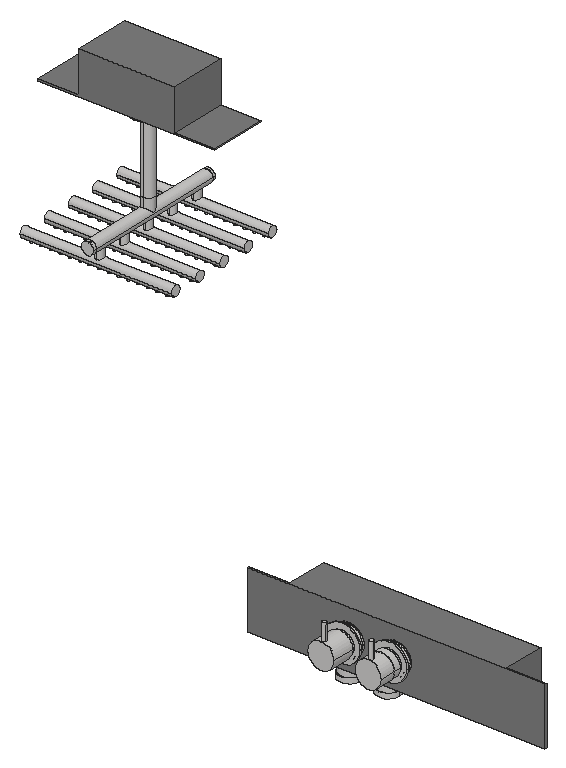
Revit family "5251A", category Plumbing Fixtures, Revit 2021
Family settings
  Round Connector Dimension = Use Diameter
  Part Type = Normal
  Work Plane-Based = No
  Always vertical = Yes
  Cut with Voids When Loaded = No
  Shared = No
  Room Calculation Point = No
Parameters
  e-mail = "info@vola.com"
  URL = "http://vola.com"
  Telephone = "+45 7023 5500"
  Shower Offset = 450.00 mm
  Shower Head Height = 2100.00 mm
  Quality management standard = "ISO 9001"
  Organisation no. / DUNS no. = "17531328"
  Occupational health and safety management standard = "ISO 18001"
  Mounting Instructions = "http://vola.com/service/producturl.ashx?name=5251A"
  Model = "5251A"
  Mixer Offset [instance] = 12.00 mm
  Mixer = yes
  Materials and components information = "http://vola.com/service/producturl.ashx?name=5251A"
  Manufacturer = "VOLA A/S"
  Maintenance Instructions = "http://vola.com/service/producturl.ashx?name=5251A"
  Handle Height = 1100.00 mm
  Guarantee = "2 years"
  Flow = "23,00 l/min"
  Environmental management standard = "ISO 14000"
  Default Elevation = 0.00 mm
  Connection - All relevant connections = "¾\" for water connection"
  Ceiling Mixer Offset = 12.00 mm
  Approvals = "http://vola.com/service/producturl.ashx?name=5251A"
Reference planes
  plane 1 "Center (Front/Back)": y = 0
  plane 2: z = 0
  plane 3 "Center (Left/Right)": x = 0
  plane 4 "Mixer plane": y = 12
  plane 5: z = 1100
  plane 6: z = 2100
  plane 7: y = -450
  plane 8 "Wall Surface": y = 0
Forms (mm)
  Extrusion 1, solid, material "Stainless Steel", visible <- "Mixer"
    sketch origin (14.11, 9.5, 1100) x (0, 0, -1) y (1, 0, 0)
      loop
        circle (0, 24.89) r 24.89
    from 0 to 9.5
  Extrusion 2, solid, material "Stainless Steel", visible <- "Mixer"
    sketch origin (-63.89, 9.5, 1100) x (0, 0, -1) y (1, 0, 0)
      loop
        circle (0, 24.89) r 24.89
    from 0 to 9.5
  Extrusion 3, solid, material "Stainless Steel", visible <- "Mixer"
    sketch origin (16.5, -450, 2111.5) x (-1, 0, 0) y (0, -1, 0)
      loop
        circle (16.5, 0) r 16.5
    from 0 to -11.5
Dimensions and locks
  "Mixer Offset": plane 4 "Mixer plane" to plane 1 "Center (Front/Back)"
  "Handle Height": plane 5 to level
  "Shower Offset": plane 7 to plane 1 "Center (Front/Back)"
  "Shower Head Height": plane 6 to level
  aligned and locked: plane 2 to level
  aligned and locked: nested 4 to plane 4 "Mixer plane"
  aligned and locked: plane 1 "Center (Front/Back)" to Extrusion 1
  aligned and locked: plane 1 "Center (Front/Back)" to Extrusion 2
  aligned and locked: plane 5 to nested 4
  aligned and locked: nested 5 to plane 5
  aligned and locked: nested 3 to plane 5
  aligned and locked: plane 6 to nested 6
  aligned and locked: nested 6 to plane 7
  aligned and locked: plane 7 to nested 7
  aligned and locked: Extrusion 3 to plane 6
Automatic sketch dimensions
  radius of Extrusion 1 sketch curve to nested 4 = 0.00 mm
  radius of Extrusion 2 sketch curve to nested 4 = 0.00 mm
  radius of Extrusion 3 sketch curve to nested 7 = 0.00 mm
Nested families
  nested 1: "NR52" at (39, -2, 1100), built-in parameter 1001364 <- "Handle Height", type "NR52"
  nested 2: "NR51" at (-39, -2, 1100), built-in parameter 1001364 <- "Handle Height", type "NR51"
  nested 3: "2001" at (-39, 0, 1100) x (1, 0, 0) z (0, -1, 0), type "2001"
  nested 4: "5200V" at (0, 83.5, 1015), visible <- "Mixer", type "5200V"
  nested 5: "2001" at (39, 0, 1100) x (1, 0, 0) z (0, -1, 0), type "2001"
  nested 6: "050A" at (0, -450, 2100) x (0, 1, 0) z (0, 0, 1), type "050A"
  nested 7: "200M" at (0, -450, 2112), built-in parameter 1001364 <- "Ceiling Mixer Offset", visible <- "Mixer", type "200M"
Connectors
  piping at (-71, 54.5, 1015), diameter 37
    settings: on nested 4, index 1, connector inside diameter 1.45669", connector length 0.00 mm, flow factor 0, pipe flow 0 GPM, pressure drop 0.00 psi, fitting loss kfactor 0, connector angle 0.00°, fixture units 0, engagement length 0.00 mm, angle of deflection 0.00°, flow configuration 0, flow direction 1, fitting loss method 0, system type 19, joint type 0, gender type 0, connector reference index -1, connector utility 0, adjustable connector no, is connector primary yes, connector description ""
  piping at (-7, 54.5, 1015), diameter 37
    settings: on nested 4, index 2, connector inside diameter 1.45669", connector length 0.00 mm, flow factor 0, pipe flow 0 GPM, pressure drop 0.00 psi, fitting loss kfactor 0, connector angle 0.00°, fixture units 0, engagement length 0.00 mm, angle of deflection 0.00°, flow configuration 0, flow direction 1, fitting loss method 0, system type 20, joint type 0, gender type 0, connector reference index -1, connector utility 0, adjustable connector no, is connector primary no, connector description ""
Definition of nested family "NR52"
  Parameters
    e-mail = "info@vola.com"
    URL = "http://vola.com"
    Telephone = "+45 7023 5500"
    Quality management standard = "ISO 9001"
    Organisation no. / DUNS no. = "17531328"
    Occupational health and safety management standard = "ISO 18001"
    Mounting Instructions = "http://vola.com/service/producturl.ashx?name=NR52"
    Model = "NR52"
    Materials and components information = "http://vola.com/service/producturl.ashx?name=NR52"
    Manufacturer = "VOLA A/S"
    Maintenance Instructions = "http://vola.com/service/producturl.ashx?name=NR52"
    Guarantee = "2 years"
    Environmental management standard = "ISO 14000"
    Default Elevation = 0.00 mm
    Connection - All relevant connections = ""
    Approvals = "http://vola.com/service/producturl.ashx?name=NR52"
  Reference planes
    plane 1 "Center (Front/Back)": y = 0
    plane 2: z = 0
    plane 3 "Center (Left/Right)": x = 0
  Forms (mm)
    Extrusion 1, solid
      sketch origin (0, 0, 0) x (1, 0, 0) y (0, 0, 1)
        loop
          circle (0, 0) r 20
      from 0 to 5
    Extrusion 2, solid
      sketch origin (0, 0, 0) x (1, 0, 0) y (0, 0, 1)
        loop
          circle (0, 0) r 21.5
      from 17 to 42.5
    Extrusion 3, solid
      sketch origin (0, -2, 0) x (0, -1, 0) y (1, 0, 0)
        loop
          circle (34.5, 0) r 3.5
      from 0 to 47.5
    Extrusion 4, solid
      sketch origin (0, 10.75, -47.4) x (0, -1, 0) y (1, 0, 0)
        loop
          circle (34.5, 0) r 3.5
      from 22.5 to 47.4
    Extrusion 5, solid
      sketch origin (0, 11.93, 0) x (1, 0, 0) y (0, 0, 1)
        loop
          circle (0, 0) r 21.5
      from 16.93 to 28.93
  Cuts and joins
    joined: Extrusion 2, Extrusion 3, Extrusion 4
  Dimensions and locks
    aligned and locked: plane 2 to level
    aligned and locked: Extrusion 2 to Extrusion 5
    aligned and locked: Extrusion 1 to Extrusion 5
Definition of nested family "NR51"
  Parameters
    e-mail = "info@vola.com"
    URL = "http://vola.com"
    Telephone = "+45 7023 5500"
    Quality management standard = "ISO 9001"
    Organisation no. / DUNS no. = "17531328"
    Occupational health and safety management standard = "ISO 18001"
    Mounting Instructions = "http://vola.com/service/producturl.ashx?name=NR51"
    Model = "NR51"
    Materials and components information = "http://vola.com/service/producturl.ashx?name=NR51"
    Manufacturer = "VOLA A/S"
    Maintenance Instructions = "http://vola.com/service/producturl.ashx?name=NR51"
    Guarantee = "2 years"
    Environmental management standard = "ISO 14000"
    Default Elevation = 0.00 mm
    Connection - All relevant connections = ""
    Approvals = "http://vola.com/service/producturl.ashx?name=NR51"
  Reference planes
    plane 1 "Center (Front/Back)": y = 0
    plane 2: z = 0
    plane 3 "Center (Left/Right)": x = 0
  Forms (mm)
    Extrusion 1, solid
      sketch origin (0, 0, 0) x (1, 0, 0) y (0, 0, 1)
        loop
          circle (0, 0) r 21.5
      from 5 to 42.5
    Extrusion 2, solid
      sketch origin (0, -2, 0) x (0, -1, 0) y (1, 0, 0)
        loop
          circle (34.5, 0) r 3.5
      from 0 to 47.5
    Extrusion 3, solid
      sketch origin (0, 0, 0) x (1, 0, 0) y (0, 0, 1)
        loop
          circle (0, 0) r 20
      from 0 to 5
  Cuts and joins
    joined: Extrusion 1, Extrusion 2
  Dimensions and locks
    aligned and locked: plane 2 to level
Definition of nested family "2001"
  Parameters
    e-mail = "info@vola.com"
    URL = "http://vola.com"
    Telephone = "+45 7023 5500"
    Quality management standard = "ISO 9001"
    Organisation no. / DUNS no. = "17531328"
    Occupational health and safety management standard = "ISO 18001"
    Mounting Instructions = "http://vola.com/service/producturl.ashx?name=2001"
    Model = "2001"
    Materials and components information = "http://vola.com/service/producturl.ashx?name=2001"
    Manufacturer = "VOLA A/S"
    Maintenance Instructions = "http://vola.com/service/producturl.ashx?name=2001"
    Guarantee = "2 years"
    Environmental management standard = "ISO 14000"
    Default Elevation = 1219.20 mm
    Connection - All relevant connections = ""
    Approvals = "http://vola.com/service/producturl.ashx?name=2001"
  Reference planes
    plane 1 "Center (Front/Back)": y = 0
    plane 2: z = 0
    plane 3 "Center (Left/Right)": x = 0
  Forms (mm)
    Extrusion 1, solid
      sketch origin (0, 0, 0) x (1, 0, 0) y (0, 1, 0)
        loop
          circle (0, 0) r 19.5
        loop
          circle (0, 0) r 30
      from 0 to 2
  Dimensions and locks
    aligned and locked: plane 2 to level
Definition of nested family "5200V"
  Parameters
    e-mail = "info@vola.com"
    URL = "http://vola.com"
    Telephone = "+45 7023 5500"
    Quality management standard = "ISO 9001"
    Organisation no. / DUNS no. = "17531328"
    Occupational health and safety management standard = "ISO 18001"
    Mounting Instructions = "http://vola.com/service/producturl.ashx?name=5200V"
    Model = "5200V"
    Materials and components information = "http://vola.com/service/producturl.ashx?name=5200V"
    Manufacturer = "VOLA A/S"
    Maintenance Instructions = "http://vola.com/service/producturl.ashx?name=5200V"
    Guarantee = "2 years"
    Flow = "45,00 l/min"
    Environmental management standard = "ISO 14000"
    Default Elevation = 0.00 mm
    Connection - All relevant connections = ""
    Approvals = "http://vola.com/service/producturl.ashx?name=5200V"
  Reference planes
    plane 1 "Center (Front/Back)": y = 0
    plane 2: z = 0
    plane 3 "Center (Left/Right)": x = 0
    plane 4 "Inlet Center Plane": y = -29
    plane 5: z = 85
  Forms (mm)
    Extrusion 1, solid
      sketch origin (10, 0, 16) x (1, 0, 0) y (0, 1, 0)
        loop
          line (-147.5, 0) -> (-147.5, -69) -> (210.5, -69) -> (210.5, 0) -> (-147.5, 0)
      from 21.5 to 116.5
    Extrusion 2, solid
      sketch origin (10, -1, 16) x (1, 0, 0) y (0, 1, 0)
        loop
          line (-215, -68) -> (-215, -70.5) -> (275.5, -70.5) -> (275.5, -68) -> (-215, -68)
      from 21.5 to 116.5
    Extrusion 3, solid
      sketch origin (-59, -4, 37.5) x (0, 1, 0) y (1, 0, 0)
        loop
          circle (-25, -12) r 16.5
      from 0 to 29.77
    Extrusion 4, solid
      sketch origin (5, -4, 37.5) x (0, 1, 0) y (1, 0, 0)
        loop
          circle (-25, -12) r 16.5
      from 0 to 29.77
    Extrusion 5, solid
      sketch origin (-51.5, -71.5, 16) x (-1, 0, 0) y (0, 0, -1)
        loop
          circle (-12.5, -69) r 24.89
      from 0 to 2.5
    Extrusion 6, solid
      sketch origin (26.5, -71.5, 16) x (-1, 0, 0) y (0, 0, -1)
        loop
          circle (-12.5, -69) r 24.89
      from 0 to 2.5
    Extrusion 7, solid
      sketch origin (-59, -4, 7.73) x (-1, 0, 0) y (0, 1, 0)
        loop
          circle (12, -25) r 18.5
      from 0 to 7.73
    Extrusion 8, solid
      sketch origin (5, -4, 7.73) x (-1, 0, 0) y (0, 1, 0)
        loop
          circle (12, -25) r 18.5
      from 0 to 7.73
  Cuts and joins
    joined: Extrusion 1, Extrusion 2
  Lines and regions (mm)
    reference lines
      curve 1: line (39, -29, 85) -> (39, -121.5, 85)
      curve 2: line (-39, -29, 85) -> (-39, -121.5, 85)
      curve 3: line (-71, -29, 85) -> (-71, -29, -14)
      curve 4: line (-7, -29, 85) -> (-7, -29, -14)
  Dimensions and locks
    aligned and locked: plane 2 to level
    aligned and locked: Extrusion 1 to Extrusion 2
    aligned and locked: Extrusion 2 to Extrusion 1
Definition of nested family "050A"
  Parameters
    e-mail = "info@vola.com"
    URL = "http://vola.com"
    Telephone = "+45 7023 5500"
    Quality management standard = "ISO 9001"
    Organisation no. / DUNS no. = "17531328"
    Occupational health and safety management standard = "ISO 18001"
    Mounting Instructions = "http://vola.com/service/producturl.ashx?name=050A"
    Model = "050A"
    Materials and components information = "http://vola.com/service/producturl.ashx?name=050A"
    Manufacturer = "VOLA A/S"
    Maintenance Instructions = "http://vola.com/service/producturl.ashx?name=050A"
    Guarantee = "2 years"
    Flow = "23,00 l/min"
    Environmental management standard = "ISO 14000"
    Default Elevation = 0.00 mm
    Connection - All relevant connections = ""
    Approvals = "http://vola.com/service/producturl.ashx?name=050A"
  Reference planes
    plane 1 "Center (Front/Back)": y = 0
    plane 2: z = 0
    plane 3 "Center (Left/Right)": x = 0
  Forms (mm)
    Extrusion 1, solid
      sketch origin (0, 0, -2) x (1, 0, 0) y (0, 1, 0)
        loop
          circle (0, 0) r 18
      from 0 to -7
    Extrusion 2, solid
      sketch origin (0, 0, -126) x (-1, 0, 0) y (0, 1, 0)
        loop
          circle (0, 0) r 9.5
      from 0 to 25
    Extrusion 3, solid
      sketch origin (0, 0, -9) x (0, 1, 0) y (1, 0, 0)
        loop
          circle (0, 0) r 9.5
      from 0 to 117
    Extrusion 4, solid
      sketch origin (0, 0, -2) x (0, 1, 0) y (0, 0, 1)
        loop
          circle (0, -149) r 10
      from -120 to 120
    Extrusion 5, solid
      sketch origin (120, 0, -2) x (0, 1, 0) y (0, 0, 1)
        loop
          circle (0, -149) r 10
      from 0 to 5
    Extrusion 6, solid
      sketch origin (-120, 0, -2) x (0, -1, 0) y (0, 0, 1)
        loop
          circle (0, -149) r 10
      from 0 to 5
    Extrusion 7, solid
      sketch origin (0, 0, -126) x (-1, 0, 0) y (0, 1, 0)
        loop
          circle (0, 0) r 6
      from 25 to 55
    Extrusion 8, solid
      sketch origin (50, 0, -126) x (-1, 0, 0) y (0, 1, 0)
        loop
          circle (0, 0) r 6
      from 25 to 55
    Extrusion 9, solid
      sketch origin (100, 0, -126) x (-1, 0, 0) y (0, 1, 0)
        loop
          circle (0, 0) r 6
      from 25 to 55
    Extrusion 10, solid
      sketch origin (-50, 0, -126) x (-1, 0, 0) y (0, 1, 0)
        loop
          circle (0, 0) r 6
      from 25 to 55
    Extrusion 11, solid
      sketch origin (-100, 0, -126) x (-1, 0, 0) y (0, 1, 0)
        loop
          circle (0, 0) r 6
      from 25 to 55
    Extrusion 12, solid
      sketch origin (0, 0, -2) x (1, 0, 0) y (0, 0, 1)
        loop
          circle (100, -179) r 8
      from -125 to 125
    Extrusion 13, solid
      sketch origin (-50, 0, -2) x (1, 0, 0) y (0, 0, 1)
        loop
          circle (100, -179) r 8
      from -125 to 125
    Extrusion 14, solid
      sketch origin (-100, 0, -2) x (1, 0, 0) y (0, 0, 1)
        loop
          circle (100, -179) r 8
      from -125 to 125
    Extrusion 15, solid
      sketch origin (-150, 0, -2) x (1, 0, 0) y (0, 0, 1)
        loop
          circle (100, -179) r 8
      from -125 to 125
    Extrusion 16, solid
      sketch origin (-200, 0, -2) x (1, 0, 0) y (0, 0, 1)
        loop
          circle (100, -179) r 8
      from -125 to 125
    Extrusion 17, solid
      sketch origin (0, 0, -126) x (-1, 0, 0) y (0, 1, 0)
        loop
          circle (-100, 0) r 2.5
        loop
          circle (-100, 16) r 2.5
        loop
          circle (-100, 32) r 2.5
        loop
          circle (-100, 48) r 2.5
        loop
          circle (-100, 64) r 2.5
        loop
          circle (-100, 80) r 2.5
        loop
          circle (-100, 96) r 2.5
        loop
          circle (-100, 112) r 2.5
        loop
          circle (-100, -16) r 2.5
        loop
          circle (-100, -32) r 2.5
        loop
          circle (-100, -48) r 2.5
        loop
          circle (-100, -64) r 2.5
        loop
          circle (-100, -80) r 2.5
        loop
          circle (-100, -96) r 2.5
        loop
          circle (-100, -112) r 2.5
      from 62 to 65
    Extrusion 18, solid
      sketch origin (-50, 0, -126) x (-1, 0, 0) y (0, 1, 0)
        loop
          circle (-100, 0) r 2.5
        loop
          circle (-100, 16) r 2.5
        loop
          circle (-100, 32) r 2.5
        loop
          circle (-100, 48) r 2.5
        loop
          circle (-100, 64) r 2.5
        loop
          circle (-100, 80) r 2.5
        loop
          circle (-100, 96) r 2.5
        loop
          circle (-100, 112) r 2.5
        loop
          circle (-100, -16) r 2.5
        loop
          circle (-100, -32) r 2.5
        loop
          circle (-100, -48) r 2.5
        loop
          circle (-100, -64) r 2.5
        loop
          circle (-100, -80) r 2.5
        loop
          circle (-100, -96) r 2.5
        loop
          circle (-100, -112) r 2.5
      from 62 to 65
    Extrusion 19, solid
      sketch origin (-100, 0, -126) x (-1, 0, 0) y (0, 1, 0)
        loop
          circle (-100, 0) r 2.5
        loop
          circle (-100, 16) r 2.5
        loop
          circle (-100, 32) r 2.5
        loop
          circle (-100, 48) r 2.5
        loop
          circle (-100, 64) r 2.5
        loop
          circle (-100, 80) r 2.5
        loop
          circle (-100, 96) r 2.5
        loop
          circle (-100, 112) r 2.5
        loop
          circle (-100, -16) r 2.5
        loop
          circle (-100, -32) r 2.5
        loop
          circle (-100, -48) r 2.5
        loop
          circle (-100, -64) r 2.5
        loop
          circle (-100, -80) r 2.5
        loop
          circle (-100, -96) r 2.5
        loop
          circle (-100, -112) r 2.5
      from 62 to 65
    Extrusion 20, solid
      sketch origin (-150, 0, -126) x (-1, 0, 0) y (0, 1, 0)
        loop
          circle (-100, 0) r 2.5
        loop
          circle (-100, 16) r 2.5
        loop
          circle (-100, 32) r 2.5
        loop
          circle (-100, 48) r 2.5
        loop
          circle (-100, 64) r 2.5
        loop
          circle (-100, 80) r 2.5
        loop
          circle (-100, 96) r 2.5
        loop
          circle (-100, 112) r 2.5
        loop
          circle (-100, -16) r 2.5
        loop
          circle (-100, -32) r 2.5
        loop
          circle (-100, -48) r 2.5
        loop
          circle (-100, -64) r 2.5
        loop
          circle (-100, -80) r 2.5
        loop
          circle (-100, -96) r 2.5
        loop
          circle (-100, -112) r 2.5
      from 62 to 65
    Extrusion 21, solid
      sketch origin (-200, 0, -126) x (-1, 0, 0) y (0, 1, 0)
        loop
          circle (-100, 0) r 2.5
        loop
          circle (-100, 16) r 2.5
        loop
          circle (-100, 32) r 2.5
        loop
          circle (-100, 48) r 2.5
        loop
          circle (-100, 64) r 2.5
        loop
          circle (-100, 80) r 2.5
        loop
          circle (-100, 96) r 2.5
        loop
          circle (-100, 112) r 2.5
        loop
          circle (-100, -16) r 2.5
        loop
          circle (-100, -32) r 2.5
        loop
          circle (-100, -48) r 2.5
        loop
          circle (-100, -64) r 2.5
        loop
          circle (-100, -80) r 2.5
        loop
          circle (-100, -96) r 2.5
        loop
          circle (-100, -112) r 2.5
      from 62 to 65
    Extrusion 22, solid
      sketch origin (0, 0, -2) x (1, 0, 0) y (0, 1, 0)
        loop
          circle (0, 0) r 30
      from 0 to 2
  Cuts and joins
    joined: Extrusion 2, Extrusion 4, Extrusion 7, Extrusion 8, Extrusion 9, Extrusion 10, Extrusion 11, Extrusion 12, Extrusion 13, Extrusion 14, Extrusion 15, Extrusion 16, Extrusion 17, Extrusion 18, Extrusion 19, Extrusion 20, Extrusion 21
  Dimensions and locks
    aligned and locked: plane 2 to level
Definition of nested family "200M"
  Parameters
    e-mail = "info@vola.com"
    URL = "http://vola.com"
    Telephone = "+45 7023 5500"
    Quality management standard = "ISO 9001"
    Organisation no. / DUNS no. = "17531328"
    Occupational health and safety management standard = "ISO 18001"
    Mounting Instructions = "http://vola.com/service/producturl.ashx?name=200M"
    Model = "200M"
    Materials and components information = "http://vola.com/service/producturl.ashx?name=200M"
    Manufacturer = "VOLA A/S"
    Maintenance Instructions = "http://vola.com/service/producturl.ashx?name=200M"
    Guarantee = "2 years"
    Environmental management standard = "ISO 14000"
    Default Elevation = 1219.20 mm
    Connection - All relevant connections = ""
    Approvals = "http://vola.com/service/producturl.ashx?name=200M"
  Reference planes
    plane 1 "Center (Front/Back)": y = 0
    plane 2: z = 0
    plane 3 "Center (Left/Right)": x = 0
  Forms (mm)
    Extrusion 1, solid
      sketch origin (0, 69, 70.5) x (1, 0, 0) y (0, 0, 1)
        loop
          line (-77.5, 1) -> (-77.5, -68) -> (82.5, -68) -> (82.5, 1) -> (-77.5, 1)
      from 21.5 to 116.5
    Extrusion 2, solid
      sketch origin (0, 69, 70.5) x (1, 0, 0) y (0, 0, 1)
        loop
          line (-145, -68) -> (-145, -70.5) -> (147.5, -70.5) -> (147.5, -68) -> (-145, -68)
      from 21.5 to 116.5
    Extrusion 3, solid
      sketch origin (1071.5, 69, 68) x (0, 1, 0) y (1, 0, 0)
        loop
          circle (-69, -1071.5) r 16.5
      from 68 to 68.5
  Cuts and joins
    joined: Extrusion 1, Extrusion 2
  Lines and regions (mm)
    reference lines
      curve 1: line (0, 0, -0.5) -> (0, 0, -20.5)
      curve 2: line (0, 0, 27.5) -> (0, -99, 27.5)
      curve 3: line (0, 0, 38) -> (0, 99, 38)
  Dimensions and locks
    aligned and locked: plane 2 to level
    aligned and locked: Extrusion 2 to Extrusion 1  (x2)
